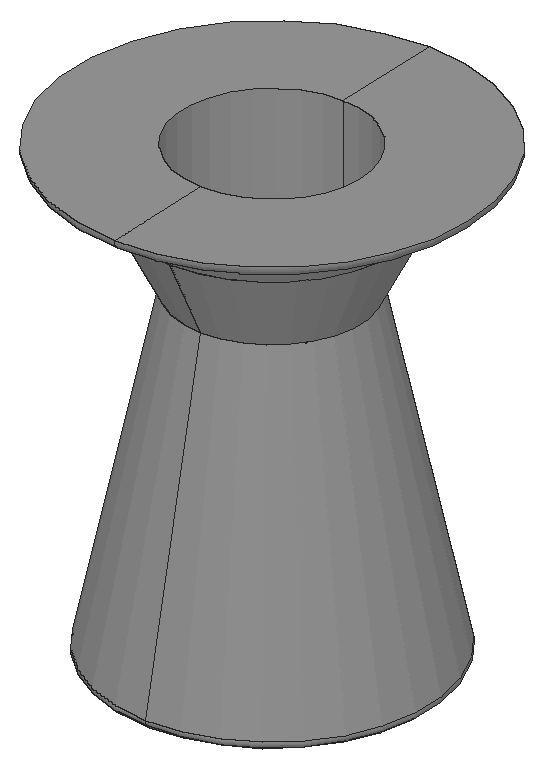
Revit family "FU_Table_Sandler_Essens_9-3", category Furniture, Revit 2020
Family settings
  OmniClass Number = 23.40.20.00
  OmniClass Title = General Furniture and Specialties
  Work Plane-Based = No
  Always vertical = Yes
  Cut with Voids When Loaded = No
  Shared = No
  Room Calculation Point = No
Parameters (values of type "Essens 9.3")
  Width = 623 mm
  Section Width = 280 mm
  Section Depth = Section Width  # 280 mm
  Height = 720 mm
  Depth = Width  # 623 mm
  Default Elevation = 0 mm
  Base Width = 484 mm
  Base Finish = PE1 - B00 Black
  Base Depth = Base Width  # 484 mm
Reference planes
  plane 1 "Center (Front/Back)": y = 0
  plane 2: z = 0
  plane 3 "Center (Left/Right)": x = 0
  plane 4 "Right": x = -311.5
  plane 5 "Left": x = 311.5
  plane 6 "Front": y = -311.5
  plane 7 "Back": y = 311.5
  plane 8: z = 720
  plane 9 "Section": z = 514.013
  plane 10 "Base Right": x = -242
  plane 11 "Base Left": x = 242
  plane 12 "Base Front": y = -242
  plane 13 "Base Back": y = 242
  plane 14 "Section Right": x = -140
  plane 15 "Section Left": x = 140
  plane 16 "Section Front": y = -140
  plane 17 "Section Back": y = 140
Forms (mm)
  Revolve 1, solid, material "PE1 - B00 Black" <- "Base Finish"
    sketch origin (0, -50, 0) x (0, 1, 0) y (0, 0, 1)
      loop
        line (50, 0) -> (50, 514.013) -> (-90, 514.013) -> (-198.885, 12.652)
        arc (-198.885, 12.652) -> (-198.705, 7.486) -> (-195.814, 3.2) r 9.377
        line (-195.814, 3.2) -> (-192, 0) -> (50, 0)
      axis (50, 0) -> (50, 514.013)
    angle from 0 to 360
  Revolve 2, solid, material "PE1 - B00 Black" <- "Base Finish"
    sketch origin (0, 0, 0) x (0, 1, 0) y (0, 0, 1)
      loop
        line (-140, 514.013) -> (-140, 720) -> (-311.5, 720)
        arc (-311.5, 720) -> (-307.524, 708.58) -> (-296.667, 703.257) r 15.903
        arc (-296.667, 703.257) -> (-240.803, 683.735) -> (-202.959, 638.242) r 110.78
        line (-202.959, 638.242) -> (-140, 514.013)
      axis (0, 720) -> (0, 514.013)
    angle from 0 to 360
Dimensions and locks
  equal spacing: plane 7 "Back", plane 1 "Center (Front/Back)", plane 6 "Front"
  "Depth": plane 7 "Back" to plane 6 "Front"
  equal spacing: plane 4 "Right", plane 3 "Center (Left/Right)", plane 5 "Left"
  "Width": plane 4 "Right" to plane 5 "Left"
  "Height": plane 8 to level
  locked: plane 8 to plane 9 "Section" at 205.987
  equal spacing: plane 13 "Base Back", plane 1 "Center (Front/Back)", plane 12 "Base Front"
  "Base Depth": plane 13 "Base Back" to plane 12 "Base Front"
  equal spacing: plane 10 "Base Right", plane 3 "Center (Left/Right)", plane 11 "Base Left"
  "Base Width": plane 10 "Base Right" to plane 11 "Base Left"
  equal spacing: plane 14 "Section Right", plane 3 "Center (Left/Right)", plane 15 "Section Left"
  "Section Width": plane 14 "Section Right" to plane 15 "Section Left"
  equal spacing: plane 17 "Section Back", plane 1 "Center (Front/Back)", plane 16 "Section Front"
  "Section Depth": plane 17 "Section Back" to plane 16 "Section Front"
  aligned and locked: level to plane 2
  aligned and locked: level to Revolve 1 sketch curve
  aligned and locked: plane 12 "Base Front" to Revolve 1 sketch curve
  aligned and locked: plane 9 "Section" to Revolve 1 sketch curve  (x2)
  aligned and locked: plane 16 "Section Front" to Revolve 1 sketch curve
  aligned and locked: Revolve 1 sketch curve to Revolve 1 sketch curve  (x2)
  aligned and locked: Revolve 1 to plane 9 "Section"
  aligned and locked: plane 16 "Section Front" to Revolve 1
  aligned and locked: plane 17 "Section Back" to Revolve 1
Automatic sketch dimensions
  Revolve 1 sketch curve to plane 12 "Base Front" = 3.814 mm
  Revolve 1 sketch curve to plane 12 "Base Front" = 6.885 mm
  plane 12 "Base Front" to Revolve 1 sketch curve = 2.214 mm
  level to Revolve 1 sketch curve = 3.2 mm
  Revolve 1 sketch curve to Revolve 1 sketch curve = 7.184 mm
  Revolve 1 sketch curve to plane 1 "Center (Front/Back)" = 0 mm
  Revolve 1 sketch curve to level = 213.314 mm
  plane 8 to Revolve 1 sketch curve = 849.391 mm
  Revolve 2 sketch curve to plane 6 "Front" = 0 mm
  Revolve 2 sketch curve to plane 8 = 0 mm
  Revolve 2 sketch curve to plane 16 "Section Front" = 0 mm
  Revolve 2 sketch curve to plane 1 "Center (Front/Back)" = 0 mm
  Revolve 2 sketch curve to plane 9 "Section" = 0 mm
  plane 6 "Front" to Revolve 2 sketch curve = 7.548 mm
  Revolve 2 sketch curve to plane 8 = 0.874 mm
  plane 6 "Front" to Revolve 2 sketch curve = 15.879 mm
  plane 12 "Base Front" to Revolve 2 sketch curve = 39.041 mm
  plane 9 "Section" to Revolve 2 sketch curve = 78.703 mm
  Revolve 2 sketch curve to plane 8 = 81.758 mm
  Revolve 2 sketch curve to plane 9 "Section" = 34.013 mm
  plane 8 to Revolve 2 sketch curve = 20 mm
